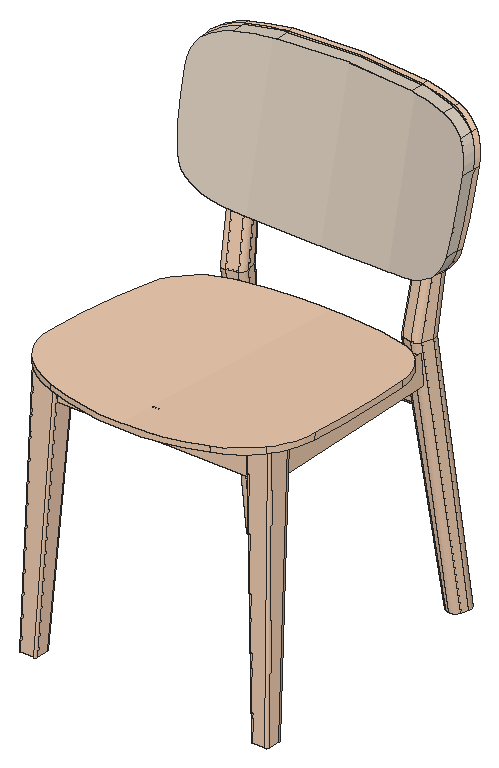
Revit family "FU_Chair_Sandler_Celina 1-14", category Furniture, Revit 2020
Family settings
  OmniClass Number = 23.40.20.00
  OmniClass Title = General Furniture and Specialties
  Work Plane-Based = No
  Always vertical = Yes
  Cut with Voids When Loaded = No
  Shared = No
  Room Calculation Point = No
Parameters (values of type "Celina 1.14")
  Width = 500 mm
  URL = "https://www.sandlerseating.com/product/celina-1-14/"
  Seat [instance] = Fabric - Manhattan - Bronx YI364
  Model = "Celina 1.14"
  Manufacturer = "Sandler"
  Height = 820 mm
  Frame [instance] = Wood - Beech - Walnut - V
  Description = "Side chair with a wooden seat and upholstered back. The frame is in solid beech."
  Depth = 550 mm
  Default Elevation = 0 mm
Reference planes
  plane 1 "Center (Front/Back)": y = 0
  plane 2: z = 0
  plane 3 "Center (Left/Right)": x = 0
  plane 4 "Right": x = -250
  plane 5 "Left": x = 250
  plane 6 "Back": y = 275
  plane 7 "Front": y = -275
  plane 8 "Height": z = 820
  plane 9 "Seat height": z = 460
  plane 10 "Right Arm": x = -325
  plane 11 "Left Arm": x = 325
  plane 12 "FL C FRONT": through (206.59, -1524, 5.36) normal (-0.9994, 0, -0.0359)
  plane 13 "BL C Front": through (-178.282, -1524, 5.132) normal (-0.9999, 0, 0.0103)
  plane 14 "FL C RIGHT": through (4267.2, -211.114, 5.562) normal (0, -0.9986, 0.0521)
  plane 15: through (4267.2, 255.502, 4.2) normal (0, -0.9887, -0.1501)
  plane 16: through (4267.2, 190.415, 493.994) normal (0, -0.984, 0.1783)
Forms (mm)
  Sweep 1, solid, material "Wood - Beech - Walnut - V" <- "Frame"
    path origin (0.119, 29.292, 439.708) x (0, 0.99863, -0.052336) y (1, 0, 0)
      loop
        line (-311.844, 0) -> (171.86, 0)
    profile "Pro_celina_Seat : Pro_celina_Seat" origin (0.119, -40.604, 443.371) x (1, 0, 0) y (0, -0.052336, -0.99863)
      loop
        arc (237.5, -12.54) -> (0, 0) -> (-237.5, -12.54) r 2255.339
        line (-237.5, -12.54) -> (-237.5, -22.54)
        arc (-237.5, -22.54) -> (0, -10) -> (237.5, -22.54) r 2255.339
        line (237.5, -22.54) -> (237.5, -12.54)
  Extrusion 2, void
    sketch origin (0.119, -20.296, 502.02) x (-1, 0, 0) y (0, -1, 0)
      loop
        line (248.521, -230.925) -> (248.521, 269.075) -> (-251.479, 269.075) -> (-251.479, -230.925) -> (248.521, -230.925)
      loop
        arc (141.879, 235.713) -> (0.119, 256.987) -> (-141.64, 235.713) r 482.927
        arc (-141.64, 235.713) -> (-177.703, 219.068) -> (-208.046, 193.437) r 148.11
        arc (-208.046, 193.437) -> (-229.338, 158.084) -> (-235.769, 117.318) r 107.689
        arc (-235.769, 117.318) -> (-233.624, 13.584) -> (-224.626, -89.781) r 1568.852
        arc (-224.626, -89.781) -> (-196.277, -154.472) -> (-136.874, -192.68) r 122.229
        arc (-136.874, -192.68) -> (0.119, -211.879) -> (137.113, -192.68) r 498.358
        arc (137.113, -192.68) -> (196.516, -154.472) -> (224.865, -89.781) r 122.229
        arc (224.865, -89.781) -> (233.862, 13.584) -> (236.008, 117.318) r 1568.852
        arc (236.008, 117.318) -> (229.577, 158.084) -> (208.285, 193.437) r 107.689
        arc (208.285, 193.437) -> (177.942, 219.068) -> (141.879, 235.713) r 148.11
    from 10.492 to -76.796
  SweptBlend 3, solid, material "Wood - Beech - Walnut - V" <- "Frame"
    path origin (206.516, 0, 7.419) x (0.035902, 0, -0.999355) y (0, -1, 0)
      loop
        line (15.798, 211.845) -> (-453.563, 187.36)
    profile origin (207.083, -211.845, -8.369) x (0.00187, 0.998642, -0.052062) y (-0.999355, 0, -0.035902)
      loop
        arc (-14.979, -11.006) -> (-13.796, -13.848) -> (-10.949, -15.021) r 4.023
        line (-10.949, -15.021) -> (11.028, -14.979)
        arc (11.028, -14.979) -> (13.854, -13.803) -> (15.021, -10.972) r 4
        line (15.021, -10.972) -> (14.979, 11.028)
        arc (14.979, 11.028) -> (13.803, 13.854) -> (10.972, 15.021) r 4
        line (10.972, 15.021) -> (-11.028, 14.979)
        arc (-11.028, 14.979) -> (-13.854, 13.803) -> (-15.021, 10.972) r 4
        line (-15.021, 10.972) -> (-14.979, -11.006)
    end profile origin (190.232, -187.36, 460.69) x (0.00187, 0.998642, -0.052062) y (-0.999355, 0, -0.035902)
      loop
        arc (-21.966, -18.041) -> (-20.789, -20.867) -> (-17.959, -22.034) r 4
        line (-17.959, -22.034) -> (18.041, -21.966)
        arc (18.041, -21.966) -> (20.867, -20.789) -> (22.034, -17.959) r 4
        line (22.034, -17.959) -> (21.966, 18.041)
        arc (21.966, 18.041) -> (20.789, 20.867) -> (17.959, 22.034) r 4
        line (17.959, 22.034) -> (-18.041, 21.966)
        arc (-18.041, 21.966) -> (-20.867, 20.789) -> (-22.034, 17.959) r 4
        line (-22.034, 17.959) -> (-21.966, -18.041)
  SweptBlend 4, solid, material "Wood - Beech - Walnut - V" <- "Frame"
    path origin (-178.316, 0, 1.838) x (-0.010308, 0, -0.999947) y (0, -1, 0)
      loop
        line (10.63, -257.754) -> (-463.93, -185.692)
    profile origin (-178.425, 257.754, -8.791) x (0.001548, 0.988666, 0.150121) y (-0.999947, 0, 0.010308)
      loop
        line (16.945, 1.2) -> (15.071, 7.954)
        arc (15.071, 7.954) -> (9.652, 14.89) -> (0.916, 15.962) r 11.5
        line (0.916, 15.962) -> (-12.575, 12.22)
        arc (-12.575, 12.22) -> (-19.51, 6.801) -> (-20.583, -1.935) r 11.5
        line (-20.583, -1.935) -> (-18.712, -8.681)
        arc (-18.712, -8.681) -> (-13.292, -15.616) -> (-4.556, -16.688) r 11.5
        line (-4.556, -16.688) -> (8.943, -12.944)
        arc (8.943, -12.944) -> (15.873, -7.529) -> (16.945, 1.2) r 11.49
    end profile origin (-173.534, 185.692, 465.743) x (0.001548, 0.988666, 0.150121) y (-0.999947, 0, 0.010308)
      loop
        line (5.481, 10.089) -> (-14.232, 4.749)
        arc (-14.232, 4.749) -> (-20.595, -0.161) -> (-21.622, -8.131) r 10.5
        line (-21.622, -8.131) -> (-16.447, -27.235)
        arc (-16.447, -27.235) -> (-11.538, -33.597) -> (-3.567, -34.624) r 10.5
        line (-3.567, -34.624) -> (16.146, -29.284)
        arc (16.146, -29.284) -> (22.508, -24.375) -> (23.535, -16.404) r 10.5
        line (23.535, -16.404) -> (18.361, 2.699)
        arc (18.361, 2.699) -> (13.451, 9.061) -> (5.481, 10.089) r 10.5
  SweptBlend 5, solid, material "Wood - Beech - Walnut - V" <- "Frame"
    path origin (-178.316, 0, 1.838) x (-0.010308, 0, -0.999947) y (0, -1, 0)
      loop
        line (-447.138, -184.221) -> (-698.053, -229.684)
    profile origin (-173.707, 184.221, 448.952) x (-0.001838, 0.983979, -0.178274) y (-0.999947, 0, 0.010308)
      loop
        line (6.359, 10.097) -> (-14.247, 4.59)
        arc (-14.247, 4.59) -> (-20.626, -0.298) -> (-21.68, -8.265) r 10.5
        line (-21.68, -8.265) -> (-16.57, -27.386)
        arc (-16.57, -27.386) -> (-11.682, -33.765) -> (-3.715, -34.819) r 10.5
        line (-3.715, -34.819) -> (16.891, -29.312)
        arc (16.891, -29.312) -> (23.269, -24.424) -> (24.324, -16.457) r 10.5
        line (24.324, -16.457) -> (19.214, 2.664)
        arc (19.214, 2.664) -> (14.326, 9.042) -> (6.359, 10.097) r 10.5
    end profile origin (-171.12, 229.684, 699.854) x (-0.001838, 0.983979, -0.178274) y (-0.999947, 0, 0.010308)
      loop
        arc (10.888, 12.173) -> (6.714, 17.652) -> (-0.112, 18.575) r 9
        line (-0.112, 18.575) -> (-10.954, 15.71)
        arc (-10.954, 15.71) -> (-16.436, 11.534) -> (-17.36, 4.704) r 9.005
        line (-17.36, 4.704) -> (-12.919, -12.102)
        arc (-12.919, -12.102) -> (-8.745, -17.581) -> (-1.919, -18.504) r 9
        line (-1.919, -18.504) -> (8.928, -15.638)
        arc (8.928, -15.638) -> (14.407, -11.464) -> (15.33, -4.638) r 9
        line (15.33, -4.638) -> (10.888, 12.173)
  Extrusion 6, void
    sketch origin (-178.316, 0, 1.838) x (-0.010308, 0, -0.999947) y (0, -1, 0)
      loop
        line (-458.111, -152.645) -> (-458.111, -224.882) -> (-439.168, -224.882) -> (-439.168, -152.645) -> (-458.111, -152.645)
    from -48.983 to 26.092
  Extrusion 7, void
    sketch origin (-178.316, 0, 1.838) x (-0.010308, 0, -0.999947) y (0, -1, 0)
      loop
        line (-458.228, -152.645) -> (-470.347, -152.645) -> (-470.347, -224.294) -> (-458.228, -224.294) -> (-458.228, -152.645)
    from -48.983 to 26.092
  SweptBlend 8, solid, material "Wood - Beech - Walnut - V" <- "Frame"
    path origin (178.316, 0, 1.838) x (0.010308, 0, -0.999947) y (0, 1, 0)
      loop
        line (10.63, 257.754) -> (-463.93, 185.692)
    profile origin (178.425, 257.754, -8.791) x (0.001548, -0.988666, -0.150121) y (0.999947, 0, 0.010308)
      loop
        arc (-16.945, 1.2) -> (-15.873, -7.529) -> (-8.943, -12.944) r 11.49
        line (-8.943, -12.944) -> (4.556, -16.688)
        arc (4.556, -16.688) -> (13.292, -15.616) -> (18.712, -8.681) r 11.5
        line (18.712, -8.681) -> (20.583, -1.935)
        arc (20.583, -1.935) -> (19.51, 6.801) -> (12.575, 12.22) r 11.5
        line (12.575, 12.22) -> (-0.916, 15.962)
        arc (-0.916, 15.962) -> (-9.652, 14.89) -> (-15.071, 7.954) r 11.5
        line (-15.071, 7.954) -> (-16.945, 1.2)
    end profile origin (173.534, 185.692, 465.743) x (0.001548, -0.988666, -0.150121) y (0.999947, 0, 0.010308)
      loop
        arc (-5.481, 10.089) -> (-13.451, 9.061) -> (-18.361, 2.699) r 10.5
        line (-18.361, 2.699) -> (-23.535, -16.404)
        arc (-23.535, -16.404) -> (-22.508, -24.375) -> (-16.146, -29.284) r 10.5
        line (-16.146, -29.284) -> (3.567, -34.624)
        arc (3.567, -34.624) -> (11.538, -33.597) -> (16.447, -27.235) r 10.5
        line (16.447, -27.235) -> (21.622, -8.131)
        arc (21.622, -8.131) -> (20.595, -0.161) -> (14.232, 4.749) r 10.5
        line (14.232, 4.749) -> (-5.481, 10.089)
  SweptBlend 9, solid, material "Wood - Beech - Walnut - V" <- "Frame"
    path origin (178.316, 0, 1.838) x (0.010308, 0, -0.999947) y (0, 1, 0)
      loop
        line (-447.138, 184.221) -> (-698.053, 229.684)
    profile origin (173.707, 184.221, 448.952) x (-0.001838, -0.983979, 0.178274) y (0.999947, 0, 0.010308)
      loop
        arc (-6.359, 10.097) -> (-14.326, 9.042) -> (-19.214, 2.664) r 10.5
        line (-19.214, 2.664) -> (-24.324, -16.457)
        arc (-24.324, -16.457) -> (-23.269, -24.424) -> (-16.891, -29.312) r 10.5
        line (-16.891, -29.312) -> (3.715, -34.819)
        arc (3.715, -34.819) -> (11.682, -33.765) -> (16.57, -27.386) r 10.5
        line (16.57, -27.386) -> (21.68, -8.265)
        arc (21.68, -8.265) -> (20.626, -0.298) -> (14.247, 4.59) r 10.5
        line (14.247, 4.59) -> (-6.359, 10.097)
    end profile origin (171.12, 229.684, 699.854) x (-0.001838, -0.983979, 0.178274) y (0.999947, 0, 0.010308)
      loop
        line (-10.888, 12.173) -> (-15.33, -4.638)
        arc (-15.33, -4.638) -> (-14.407, -11.464) -> (-8.928, -15.638) r 9
        line (-8.928, -15.638) -> (1.919, -18.504)
        arc (1.919, -18.504) -> (8.745, -17.581) -> (12.919, -12.102) r 9
        line (12.919, -12.102) -> (17.36, 4.704)
        arc (17.36, 4.704) -> (16.436, 11.534) -> (10.954, 15.71) r 9.005
        line (10.954, 15.71) -> (0.112, 18.575)
        arc (0.112, 18.575) -> (-6.714, 17.652) -> (-10.888, 12.173) r 9
  Extrusion 10, void
    sketch origin (178.316, 0, 1.838) x (0.010308, 0, -0.999947) y (0, 1, 0)
      loop
        line (-458.111, 152.645) -> (-439.168, 152.645) -> (-439.168, 224.882) -> (-458.111, 224.882) -> (-458.111, 152.645)
    from -48.983 to 26.092
  Extrusion 11, void
    sketch origin (178.316, 0, 1.838) x (0.010308, 0, -0.999947) y (0, 1, 0)
      loop
        line (-458.228, 152.645) -> (-458.228, 224.294) -> (-470.347, 224.294) -> (-470.347, 152.645) -> (-458.228, 152.645)
    from -48.983 to 26.092
  SweptBlend 12, solid, material "Wood - Beech - Walnut - V" <- "Frame"
    path origin (-206.516, 0, 7.419) x (-0.035902, 0, -0.999355) y (0, 1, 0)
      loop
        line (15.798, -211.845) -> (-453.563, -187.36)
    profile origin (-207.083, -211.845, -8.369) x (0.00187, -0.998642, 0.052062) y (0.999355, 0, -0.035902)
      loop
        line (14.979, -11.006) -> (15.021, 10.972)
        arc (15.021, 10.972) -> (13.854, 13.803) -> (11.028, 14.979) r 4
        line (11.028, 14.979) -> (-10.972, 15.021)
        arc (-10.972, 15.021) -> (-13.803, 13.854) -> (-14.979, 11.028) r 4
        line (-14.979, 11.028) -> (-15.021, -10.972)
        arc (-15.021, -10.972) -> (-13.854, -13.803) -> (-11.028, -14.979) r 4
        line (-11.028, -14.979) -> (10.949, -15.021)
        arc (10.949, -15.021) -> (13.796, -13.848) -> (14.979, -11.006) r 4.023
    end profile origin (-190.232, -187.36, 460.69) x (0.00187, -0.998642, 0.052062) y (0.999355, 0, -0.035902)
      loop
        line (21.966, -18.041) -> (22.034, 17.959)
        arc (22.034, 17.959) -> (20.867, 20.789) -> (18.041, 21.966) r 4
        line (18.041, 21.966) -> (-17.959, 22.034)
        arc (-17.959, 22.034) -> (-20.789, 20.867) -> (-21.966, 18.041) r 4
        line (-21.966, 18.041) -> (-22.034, -17.959)
        arc (-22.034, -17.959) -> (-20.867, -20.789) -> (-18.041, -21.966) r 4
        line (-18.041, -21.966) -> (17.959, -22.034)
        arc (17.959, -22.034) -> (20.789, -20.867) -> (21.966, -18.041) r 4
  Extrusion 13, solid, material "Wood - Beech - Walnut - V" <- "Frame"
    sketch origin (0, 0, 460) x (-1, 0, 0) y (0, -1, 0)
      loop
        line (175.074, 174.445) -> (175.074, 205.637) -> (-174.926, 205.637) -> (-174.926, 174.445) -> (175.074, 174.445)
      loop
        line (207.36, 174.272) -> (178.067, 176.828) -> (146.379, -186.366) -> (176.28, -181.947) -> (207.36, 174.272)
      loop
        line (-207.36, 174.272) -> (-176.28, -181.947) -> (-146.379, -186.366) -> (-178.067, 176.828) -> (-207.36, 174.272)
    from 0 to -78.018
  Sweep 14, void
    path origin (0.119, 30.664, 441.798) x (0, 0.99863, -0.052336) y (1, 0, 0)
      loop
        line (-311.844, 0) -> (193.156, 0)
    profile "Pro_celina_Seat-cut : Pro_celina_Seat-cut" origin (0.119, -28.599, 444.904) x (1, 0, 0) y (0, -0.052336, -0.99863)
      loop
        arc (237.5, -12.54) -> (0, 0) -> (-237.5, -12.54) r 2255.339
        line (-237.5, -12.54) -> (-237.5, -65.04)
        arc (-237.5, -65.04) -> (0, -52.5) -> (237.5, -65.04) r 2255.339
        line (237.5, -65.04) -> (237.5, -12.54)
  Extrusion 15, void
    sketch origin (0, 0, 0) x (0, 1, 0) y (0, 0, 1)
      loop
        line (-229.224, 409.273) -> (-229.224, 334.273) -> (230.12, 334.273) -> (230.12, 384.715) -> (-229.224, 409.273)
    from -250 to 250
  Extrusion 16, solid, material "Wood - Beech - Walnut - V" <- "Frame"
    sketch origin (0, 0, 0) x (0, 1, 0) y (0, 0, 1)
      loop
        arc (213.056, 367.317) -> (210.682, 371.248) -> (206.223, 372.348) r 6
        line (206.223, 372.348) -> (198.535, 371.181)
        arc (198.535, 371.181) -> (194.604, 368.806) -> (193.503, 364.348) r 6
        line (193.503, 364.348) -> (197.257, 339.631)
        arc (197.257, 339.631) -> (199.631, 335.701) -> (204.09, 334.6) r 6
        line (204.09, 334.6) -> (211.778, 335.768)
        arc (211.778, 335.768) -> (215.709, 338.142) -> (216.81, 342.601) r 6
        line (216.81, 342.601) -> (213.056, 367.317)
    from -168 to 168
  Extrusion 17, void
    sketch origin (0, 0, 0) x (0, 1, 0) y (0, 0, 1)
      loop
        line (-275, 0) -> (-275, -32.791) -> (280, -32.791) -> (280, 0) -> (-275, 0)
    from -250 to 250
  Sweep 18, solid, material "Fabric - Manhattan - Bronx YI364" <- "Seat"
    path origin (0.066, 37.154, -270.244) x (0, 1, 0) y (0, 0, 1)
      loop
        line (154.569, 770) -> (234.758, 1108.042)
    profile "Pro_celina_Back_UPH1 : Pro_celina_Back_UPH 2" origin (0.066, 231.818, 668.777) x (0, -0.972998, 0.230812) y (1, 0, 0)
      loop
        arc (42.034, 246.545) -> (3, 0) -> (42.034, -246.545) r 798.125
        arc (42.034, -246.545) -> (43.85, -249.045) -> (46.789, -250) r 5
        line (46.789, -250) -> (73.165, -250)
        arc (73.165, -250) -> (33, 0) -> (73.165, 250) r 798.125
        line (73.165, 250) -> (46.789, 250)
        arc (46.789, 250) -> (43.85, 249.045) -> (42.034, 246.545) r 5
  Extrusion 19, void
    sketch origin (0.066, 39.342, -270.869) x (1, 0, 0) y (0, 0, 1)
      loop
        line (119.761, 1090) -> (-121.25, 1090)
        arc (-121.25, 1090) -> (-154.552, 1088.857) -> (-187.721, 1085.67) r 541.973
        arc (-187.721, 1085.67) -> (-211.489, 1079.491) -> (-232.923, 1067.503) r 96.341
        arc (-232.923, 1067.503) -> (-245.694, 1045.257) -> (-249.494, 1019.89) r 69.271
        arc (-249.494, 1019.89) -> (-247.861, 958.646) -> (-241.122, 897.751) r 733.414
        arc (-241.122, 897.751) -> (-232.137, 873.763) -> (-214.284, 855.393) r 62.504
        arc (-214.284, 855.393) -> (-182.775, 839.296) -> (-148.432, 830.784) r 154.624
        arc (-148.432, 830.784) -> (-5.305, 821.343) -> (137.883, 829.803) r 1149.301
        arc (137.883, 829.803) -> (177.655, 837.565) -> (214.045, 855.393) r 154.624
        arc (214.045, 855.393) -> (231.898, 873.763) -> (240.883, 897.751) r 62.504
        arc (240.883, 897.751) -> (247.622, 958.646) -> (249.256, 1019.89) r 733.414
        arc (249.256, 1019.89) -> (245.455, 1045.257) -> (232.684, 1067.503) r 69.271
        arc (232.684, 1067.503) -> (211.25, 1079.491) -> (187.482, 1085.67) r 96.341
        arc (187.482, 1085.67) -> (153.689, 1088.897) -> (119.761, 1090) r 541.59
      loop
        line (-260, 1133.116) -> (-260, 753.116) -> (260, 753.116) -> (260, 1133.116) -> (-260, 1133.116)
    from -235.658 to -100.658
  Sweep 20, solid, material "Wood - Beech - Walnut - V" <- "Frame"
    path origin (0.066, 37.154, -270.244) x (0, 1, 0) y (0, 0, 1)
      loop
        line (154.569, 770) -> (234.758, 1108.042)
    profile "Pro_celina_Back : Pro_celina_Back" origin (0.066, 231.818, 668.777) x (0, -0.972998, 0.230812) y (1, 0, 0)
      loop
        arc (50.165, -250) -> (10, 0) -> (50.165, 250) r 798.119
        line (50.165, 250) -> (40.165, 250)
        arc (40.165, 250) -> (0, 0) -> (40.165, -250) r 798.125
        line (40.165, -250) -> (50.165, -250)
  Extrusion 21, void
    sketch origin (-0.054, 0, 0.005) x (1, 0, 0) y (0, 0, 1)
      loop
        line (119.189, 817.664) -> (-121.182, 817.664)
        arc (-121.182, 817.664) -> (-154.204, 816.535) -> (-187.094, 813.377) r 536.553
        arc (-187.094, 813.377) -> (-210.624, 807.259) -> (-231.844, 795.391) r 95.377
        arc (-231.844, 795.391) -> (-244.487, 773.368) -> (-248.249, 748.255) r 68.579
        arc (-248.249, 748.255) -> (-246.632, 687.623) -> (-239.96, 627.337) r 726.08
        arc (-239.96, 627.337) -> (-231.065, 603.589) -> (-213.391, 585.403) r 61.879
        arc (-213.391, 585.403) -> (-182.197, 569.467) -> (-148.198, 561.039) r 153.077
        arc (-148.198, 561.039) -> (-7.322, 551.696) -> (133.626, 559.871) r 1137.808
        arc (133.626, 559.871) -> (175.165, 567.108) -> (213.154, 585.403) r 153.077
        arc (213.154, 585.403) -> (230.829, 603.589) -> (239.724, 627.337) r 61.879
        arc (239.724, 627.337) -> (246.396, 687.623) -> (248.013, 748.255) r 726.08
        arc (248.013, 748.255) -> (244.25, 773.368) -> (231.607, 795.391) r 68.579
        arc (231.607, 795.391) -> (210.388, 807.259) -> (186.857, 813.377) r 95.377
        arc (186.857, 813.377) -> (153.091, 816.591) -> (119.189, 817.664) r 536.174
      loop
        line (-260, 862.242) -> (-260, 482.242) -> (260, 482.242) -> (260, 862.242) -> (-260, 862.242)
    from -291.827 to -115.962
Cuts and joins
  Extrusion 2 cuts Sweep 1
  Extrusion 6 cuts SweptBlend 5
  Extrusion 7, Extrusion 17 cuts SweptBlend 4
  Extrusion 10 cuts SweptBlend 9
  Extrusion 11, Extrusion 17 cuts SweptBlend 8
  Sweep 14, Extrusion 15 cuts Extrusion 13
  Extrusion 17 cuts SweptBlend 12
  Extrusion 17 cuts SweptBlend 3
  Extrusion 19, Extrusion 21 cuts Sweep 18
  Extrusion 19 cuts Sweep 20
Dimensions and locks
  equal spacing: plane 4 "Right", plane 3 "Center (Left/Right)", plane 5 "Left"
  "Width": plane 4 "Right" to plane 5 "Left"
  equal spacing: plane 6 "Back", plane 1 "Center (Front/Back)", plane 7 "Front"
  "Depth": plane 6 "Back" to plane 7 "Front"
  "Height": plane 8 "Height" to level
  plane 9 "Seat height" to level = 460 mm
  equal spacing: plane 10 "Right Arm", plane 3 "Center (Left/Right)", plane 11 "Left Arm"
  plane 10 "Right Arm" to plane 11 "Left Arm" = 650 mm
  aligned and locked: level to plane 2
Automatic sketch dimensions
  plane 3 "Center (Left/Right)" to Sweep 1 sketch curve = 0.119 mm
  Sweep 1 sketch curve to Sweep 1 sketch curve = 483.704 mm
  Extrusion 2 sketch curve to plane 3 "Center (Left/Right)" = 0 mm  (x2)
  plane 3 "Center (Left/Right)" to Extrusion 2 sketch curve = 98.283 mm
  Extrusion 2 sketch curve to plane 1 "Center (Front/Back)" = 54.865 mm  (x2)
  plane 3 "Center (Left/Right)" to Extrusion 2 sketch curve = 103.394 mm
  Extrusion 2 sketch curve to Extrusion 2 sketch curve = 29.988 mm  (x2)
  Extrusion 2 sketch curve to plane 5 "Left" = 1.598 mm
  plane 1 "Center (Front/Back)" to Extrusion 2 sketch curve = 118.175 mm  (x2)
  Extrusion 2 sketch curve to plane 11 "Left Arm" = 1007.843 mm
  Extrusion 2 sketch curve to plane 3 "Center (Left/Right)" = 98.283 mm
  Extrusion 2 sketch curve to plane 3 "Center (Left/Right)" = 103.394 mm
  Extrusion 2 sketch curve to plane 4 "Right" = 1.598 mm
  plane 10 "Right Arm" to Extrusion 2 sketch curve = 1007.843 mm
  Extrusion 2 sketch curve to plane 6 "Back" = 69.356 mm
  Extrusion 2 sketch curve to plane 6 "Back" = 64.371 mm
  plane 1 "Center (Front/Back)" to Extrusion 2 sketch curve = 114.424 mm  (x2)
  Extrusion 2 sketch curve to Extrusion 2 sketch curve = 27.102 mm  (x2)
  Extrusion 2 sketch curve to plane 7 "Front" = 14.371 mm
  Extrusion 2 sketch curve to plane 7 "Front" = 31.774 mm
  Extrusion 2 sketch curve to plane 6 "Back" = 102.616 mm
  Extrusion 2 sketch curve to Extrusion 2 sketch curve = 0 mm  (x8)
  plane 7 "Front" to Extrusion 2 sketch curve = 18.991 mm
  plane 7 "Front" to SweptBlend 3 sketch curve = 87.64 mm
  plane 7 "Front" to SweptBlend 3 sketch curve = 63.155 mm
  SweptBlend 3 sketch curve to SweptBlend 3 sketch curve = 469.362 mm
  profile plane to SweptBlend 3 sketch curve = 15.021 mm
  profile plane to SweptBlend 3 sketch curve = 14.979 mm
  SweptBlend 3 sketch curve to SweptBlend 3 sketch curve = 3.993 mm  (x3)
  SweptBlend 3 sketch curve to SweptBlend 3 sketch curve = 4 mm  (x9)
  SweptBlend 3 sketch curve to SweptBlend 3 sketch curve = 4.023 mm
  SweptBlend 3 sketch curve to SweptBlend 3 sketch curve = 0.008 mm
  SweptBlend 3 sketch curve to profile plane = 10.972 mm
  SweptBlend 3 sketch curve to SweptBlend 3 sketch curve = 0.007 mm  (x9)
  SweptBlend 3 sketch curve to profile plane = 11.021 mm
  SweptBlend 3 sketch curve to plane 12 "FL C FRONT" = 15.021 mm
  SweptBlend 3 sketch curve to plane 12 "FL C FRONT" = 14.979 mm
  SweptBlend 3 sketch curve to SweptBlend 3 sketch curve = 4.015 mm
  plane 12 "FL C FRONT" to SweptBlend 3 sketch curve = 10.972 mm
  plane 12 "FL C FRONT" to SweptBlend 3 sketch curve = 11.021 mm
  profile plane to SweptBlend 3 sketch curve = 22.034 mm
  profile plane to SweptBlend 3 sketch curve = 21.966 mm
  SweptBlend 3 sketch curve to profile plane = 17.959 mm
  SweptBlend 3 sketch curve to profile plane = 18.034 mm
  SweptBlend 3 sketch curve to plane 12 "FL C FRONT" = 22.034 mm
  SweptBlend 3 sketch curve to plane 12 "FL C FRONT" = 21.966 mm
  plane 12 "FL C FRONT" to SweptBlend 3 sketch curve = 17.959 mm
  plane 12 "FL C FRONT" to SweptBlend 3 sketch curve = 18.034 mm
  SweptBlend 4 sketch curve to plane 6 "Back" = 89.308 mm
  SweptBlend 4 sketch curve to plane 6 "Back" = 17.246 mm
  SweptBlend 4 sketch curve to SweptBlend 4 sketch curve = 474.56 mm
  SweptBlend 4 sketch curve to plane 13 "BL C Front" = 1.935 mm
  profile plane to SweptBlend 4 sketch curve = 20.583 mm
  SweptBlend 4 sketch curve to plane 13 "BL C Front" = 8.681 mm
  SweptBlend 4 sketch curve to SweptBlend 4 sketch curve = 1.871 mm  (x2)
  profile plane to SweptBlend 4 sketch curve = 12.575 mm
  plane 13 "BL C Front" to SweptBlend 4 sketch curve = 1.138 mm
  profile plane to SweptBlend 4 sketch curve = 9.501 mm
  profile plane to SweptBlend 4 sketch curve = 4.556 mm
  SweptBlend 4 sketch curve to profile plane = 0.916 mm
  SweptBlend 4 sketch curve to profile plane = 3.99 mm
  SweptBlend 4 sketch curve to plane 13 "BL C Front" = 1.872 mm
  SweptBlend 4 sketch curve to profile plane = 5.872 mm
  SweptBlend 4 sketch curve to profile plane = 8.943 mm
  plane 13 "BL C Front" to SweptBlend 4 sketch curve = 7.954 mm
  SweptBlend 4 sketch curve to SweptBlend 4 sketch curve = 11.082 mm
  plane 13 "BL C Front" to SweptBlend 4 sketch curve = 1.2 mm
  SweptBlend 4 sketch curve to SweptBlend 4 sketch curve = 1.874 mm
  SweptBlend 4 sketch curve to SweptBlend 4 sketch curve = 3.745 mm
  plane 13 "BL C Front" to SweptBlend 4 sketch curve = 4.88 mm
  SweptBlend 4 sketch curve to plane 13 "BL C Front" = 8.131 mm
  profile plane to SweptBlend 4 sketch curve = 21.622 mm
  profile plane to SweptBlend 4 sketch curve = 16.447 mm
  plane 13 "BL C Front" to SweptBlend 4 sketch curve = 4.749 mm
  profile plane to SweptBlend 4 sketch curve = 14.232 mm
  SweptBlend 4 sketch curve to plane 13 "BL C Front" = 5.386 mm
  profile plane to SweptBlend 4 sketch curve = 6.313 mm
  profile plane to SweptBlend 4 sketch curve = 3.567 mm
  SweptBlend 4 sketch curve to profile plane = 5.481 mm
  SweptBlend 4 sketch curve to plane 13 "BL C Front" = 0.046 mm
  SweptBlend 4 sketch curve to profile plane = 8.226 mm
  SweptBlend 4 sketch curve to profile plane = 13.4 mm
  SweptBlend 4 sketch curve to SweptBlend 4 sketch curve = 2.745 mm  (x3)
  plane 13 "BL C Front" to SweptBlend 4 sketch curve = 2.699 mm
  SweptBlend 4 sketch curve to SweptBlend 4 sketch curve = 10.135 mm  (x2)
  SweptBlend 4 sketch curve to plane 13 "BL C Front" = 16.404 mm
  SweptBlend 4 sketch curve to SweptBlend 4 sketch curve = 19.103 mm
  SweptBlend 5 sketch curve to plane 6 "Back" = 45.316 mm
  SweptBlend 5 sketch curve to plane 6 "Back" = 90.779 mm
  SweptBlend 5 sketch curve to SweptBlend 5 sketch curve = 250.915 mm
  plane 13 "BL C Front" to SweptBlend 5 sketch curve = 4.704 mm
  profile plane to SweptBlend 5 sketch curve = 17.36 mm
  profile plane to SweptBlend 5 sketch curve = 12.919 mm
  profile plane to SweptBlend 5 sketch curve = 10.954 mm
  profile plane to SweptBlend 5 sketch curve = 8.654 mm
  profile plane to SweptBlend 5 sketch curve = 4.218 mm
  profile plane to SweptBlend 5 sketch curve = 1.919 mm
  profile plane to SweptBlend 5 sketch curve = 0.112 mm
  SweptBlend 5 sketch curve to profile plane = 2.187 mm
  SweptBlend 5 sketch curve to profile plane = 6.628 mm
  SweptBlend 5 sketch curve to profile plane = 8.928 mm
  SweptBlend 5 sketch curve to SweptBlend 5 sketch curve = 8.701 mm  (x2)
  SweptBlend 5 sketch curve to plane 13 "BL C Front" = 4.638 mm
  SweptBlend 5 sketch curve to plane 13 "BL C Front" = 6.937 mm
  SweptBlend 5 sketch curve to plane 13 "BL C Front" = 9.803 mm
  SweptBlend 5 sketch curve to SweptBlend 5 sketch curve = 2.299 mm  (x2)
  plane 13 "BL C Front" to SweptBlend 5 sketch curve = 7.004 mm
  plane 13 "BL C Front" to SweptBlend 5 sketch curve = 9.873 mm
  SweptBlend 5 sketch curve to plane 13 "BL C Front" = 8.265 mm
  profile plane to SweptBlend 5 sketch curve = 21.68 mm
  profile plane to SweptBlend 5 sketch curve = 16.57 mm
  plane 13 "BL C Front" to SweptBlend 5 sketch curve = 4.59 mm
  profile plane to SweptBlend 5 sketch curve = 14.247 mm
  SweptBlend 5 sketch curve to plane 13 "BL C Front" = 5.554 mm
  profile plane to SweptBlend 5 sketch curve = 6.426 mm
  profile plane to SweptBlend 5 sketch curve = 3.715 mm
  SweptBlend 5 sketch curve to profile plane = 6.359 mm
  SweptBlend 5 sketch curve to plane 13 "BL C Front" = 0.047 mm
  SweptBlend 5 sketch curve to profile plane = 9.07 mm
  SweptBlend 5 sketch curve to profile plane = 14.18 mm
  SweptBlend 5 sketch curve to SweptBlend 5 sketch curve = 2.711 mm  (x3)
  plane 13 "BL C Front" to SweptBlend 5 sketch curve = 2.664 mm
  SweptBlend 5 sketch curve to SweptBlend 5 sketch curve = 10.144 mm  (x2)
  SweptBlend 5 sketch curve to plane 13 "BL C Front" = 16.457 mm
  SweptBlend 5 sketch curve to SweptBlend 5 sketch curve = 19.121 mm
  Extrusion 6 sketch curve to plane 6 "Back" = 50.118 mm
  Extrusion 6 sketch curve to Extrusion 6 sketch curve = 18.943 mm
  Extrusion 6 sketch curve to Extrusion 6 sketch curve = 72.237 mm
  Extrusion 7 sketch curve to plane 6 "Back" = 122.355 mm
  Extrusion 7 sketch curve to Extrusion 7 sketch curve = 12.119 mm
  Extrusion 7 sketch curve to plane 6 "Back" = 50.706 mm
  SweptBlend 8 sketch curve to plane 6 "Back" = 89.308 mm
  SweptBlend 8 sketch curve to plane 6 "Back" = 17.246 mm
  SweptBlend 8 sketch curve to SweptBlend 8 sketch curve = 474.56 mm
  profile plane to SweptBlend 8 sketch curve = 1.2 mm
  profile plane to SweptBlend 8 sketch curve = 16.945 mm
  SweptBlend 8 sketch curve to SweptBlend 8 sketch curve = 1.874 mm
  profile plane to SweptBlend 8 sketch curve = 8.943 mm
  SweptBlend 8 sketch curve to profile plane = 1.872 mm
  profile plane to SweptBlend 8 sketch curve = 5.872 mm
  profile plane to SweptBlend 8 sketch curve = 3.99 mm
  profile plane to SweptBlend 8 sketch curve = 0.916 mm
  SweptBlend 8 sketch curve to profile plane = 4.556 mm
  SweptBlend 8 sketch curve to profile plane = 7.63 mm
  profile plane to SweptBlend 8 sketch curve = 1.138 mm
  SweptBlend 8 sketch curve to SweptBlend 8 sketch curve = 1.871 mm  (x2)
  SweptBlend 8 sketch curve to SweptBlend 8 sketch curve = 3.074 mm
  SweptBlend 8 sketch curve to profile plane = 8.681 mm
  SweptBlend 8 sketch curve to SweptBlend 8 sketch curve = 11.082 mm
  SweptBlend 8 sketch curve to profile plane = 1.935 mm
  SweptBlend 8 sketch curve to SweptBlend 8 sketch curve = 3.745 mm
  profile plane to SweptBlend 8 sketch curve = 4.88 mm
  SweptBlend 8 sketch curve to SweptBlend 8 sketch curve = 6.754 mm
  profile plane to SweptBlend 8 sketch curve = 23.535 mm
  profile plane to SweptBlend 8 sketch curve = 2.699 mm
  profile plane to SweptBlend 8 sketch curve = 18.361 mm
  SweptBlend 8 sketch curve to SweptBlend 8 sketch curve = 7.389 mm
  SweptBlend 8 sketch curve to SweptBlend 8 sketch curve = 10.135 mm  (x2)
  SweptBlend 8 sketch curve to profile plane = 0.046 mm
  profile plane to SweptBlend 8 sketch curve = 8.226 mm
  profile plane to SweptBlend 8 sketch curve = 5.481 mm
  SweptBlend 8 sketch curve to profile plane = 3.567 mm
  SweptBlend 8 sketch curve to profile plane = 6.313 mm
  SweptBlend 8 sketch curve to profile plane = 5.386 mm
  SweptBlend 8 sketch curve to profile plane = 11.487 mm
  profile plane to SweptBlend 8 sketch curve = 4.749 mm
  SweptBlend 8 sketch curve to SweptBlend 8 sketch curve = 2.745 mm  (x3)
  SweptBlend 8 sketch curve to profile plane = 8.131 mm
  SweptBlend 8 sketch curve to profile plane = 16.404 mm
  SweptBlend 8 sketch curve to SweptBlend 8 sketch curve = 19.103 mm
  SweptBlend 9 sketch curve to plane 6 "Back" = 45.316 mm
  SweptBlend 9 sketch curve to plane 6 "Back" = 90.779 mm
  SweptBlend 9 sketch curve to SweptBlend 9 sketch curve = 250.915 mm
  SweptBlend 9 sketch curve to profile plane = 4.638 mm
  profile plane to SweptBlend 9 sketch curve = 15.33 mm
  profile plane to SweptBlend 9 sketch curve = 10.888 mm
  profile plane to SweptBlend 9 sketch curve = 8.928 mm
  profile plane to SweptBlend 9 sketch curve = 6.628 mm
  profile plane to SweptBlend 9 sketch curve = 2.187 mm
  SweptBlend 9 sketch curve to profile plane = 0.112 mm
  SweptBlend 9 sketch curve to profile plane = 1.919 mm
  SweptBlend 9 sketch curve to profile plane = 4.218 mm
  SweptBlend 9 sketch curve to profile plane = 8.654 mm
  SweptBlend 9 sketch curve to SweptBlend 9 sketch curve = 2.3 mm
  SweptBlend 9 sketch curve to SweptBlend 9 sketch curve = 8.701 mm
  profile plane to SweptBlend 9 sketch curve = 4.704 mm
  SweptBlend 9 sketch curve to SweptBlend 9 sketch curve = 8.706 mm
  SweptBlend 9 sketch curve to profile plane = 6.937 mm
  SweptBlend 9 sketch curve to profile plane = 9.803 mm
  SweptBlend 9 sketch curve to SweptBlend 9 sketch curve = 2.299 mm  (x2)
  profile plane to SweptBlend 9 sketch curve = 7.004 mm
  profile plane to SweptBlend 9 sketch curve = 9.873 mm
  profile plane to SweptBlend 9 sketch curve = 24.324 mm
  profile plane to SweptBlend 9 sketch curve = 2.664 mm
  profile plane to SweptBlend 9 sketch curve = 19.214 mm
  SweptBlend 9 sketch curve to SweptBlend 9 sketch curve = 7.433 mm
  SweptBlend 9 sketch curve to SweptBlend 9 sketch curve = 10.144 mm  (x2)
  SweptBlend 9 sketch curve to profile plane = 0.047 mm
  profile plane to SweptBlend 9 sketch curve = 9.07 mm
  profile plane to SweptBlend 9 sketch curve = 6.359 mm
  SweptBlend 9 sketch curve to profile plane = 3.715 mm
  SweptBlend 9 sketch curve to profile plane = 6.426 mm
  SweptBlend 9 sketch curve to profile plane = 5.554 mm
  SweptBlend 9 sketch curve to profile plane = 11.536 mm
  profile plane to SweptBlend 9 sketch curve = 4.59 mm
  SweptBlend 9 sketch curve to SweptBlend 9 sketch curve = 2.711 mm  (x3)
  SweptBlend 9 sketch curve to profile plane = 8.265 mm
  SweptBlend 9 sketch curve to profile plane = 16.457 mm
  SweptBlend 9 sketch curve to SweptBlend 9 sketch curve = 19.121 mm
  Extrusion 10 sketch curve to plane 6 "Back" = 50.118 mm
  Extrusion 10 sketch curve to Extrusion 10 sketch curve = 18.943 mm
  Extrusion 10 sketch curve to Extrusion 10 sketch curve = 72.237 mm
  Extrusion 11 sketch curve to plane 6 "Back" = 122.355 mm
  Extrusion 11 sketch curve to Extrusion 11 sketch curve = 12.119 mm
  Extrusion 11 sketch curve to plane 6 "Back" = 50.706 mm
  plane 7 "Front" to SweptBlend 12 sketch curve = 87.64 mm
  plane 7 "Front" to SweptBlend 12 sketch curve = 63.155 mm
  SweptBlend 12 sketch curve to SweptBlend 12 sketch curve = 469.362 mm
  profile plane to SweptBlend 12 sketch curve = 15.021 mm
  profile plane to SweptBlend 12 sketch curve = 14.979 mm
  SweptBlend 12 sketch curve to SweptBlend 12 sketch curve = 3.993 mm  (x3)
  SweptBlend 12 sketch curve to SweptBlend 12 sketch curve = 4 mm  (x9)
  SweptBlend 12 sketch curve to SweptBlend 12 sketch curve = 0.007 mm  (x9)
  SweptBlend 12 sketch curve to profile plane = 10.949 mm
  SweptBlend 12 sketch curve to SweptBlend 12 sketch curve = 0.008 mm
  SweptBlend 12 sketch curve to profile plane = 11.021 mm
  SweptBlend 12 sketch curve to SweptBlend 12 sketch curve = 4.023 mm
  SweptBlend 12 sketch curve to profile plane = 15.021 mm
  SweptBlend 12 sketch curve to profile plane = 14.979 mm
  SweptBlend 12 sketch curve to SweptBlend 12 sketch curve = 4.015 mm
  profile plane to SweptBlend 12 sketch curve = 10.972 mm
  profile plane to SweptBlend 12 sketch curve = 11.021 mm
  profile plane to SweptBlend 12 sketch curve = 22.034 mm
  profile plane to SweptBlend 12 sketch curve = 21.966 mm
  SweptBlend 12 sketch curve to profile plane = 17.959 mm
  SweptBlend 12 sketch curve to profile plane = 18.034 mm
  SweptBlend 12 sketch curve to profile plane = 22.034 mm
  SweptBlend 12 sketch curve to profile plane = 21.966 mm
  profile plane to SweptBlend 12 sketch curve = 17.959 mm
  profile plane to SweptBlend 12 sketch curve = 18.034 mm
  plane 5 "Left" to Extrusion 13 sketch curve = 42.64 mm
  Extrusion 13 sketch curve to Extrusion 13 sketch curve = 29.293 mm  (x2)
  plane 5 "Left" to Extrusion 13 sketch curve = 73.72 mm
  Extrusion 13 sketch curve to Extrusion 13 sketch curve = 3.142 mm
  Extrusion 13 sketch curve to plane 6 "Back" = 88.634 mm  (x2)
  Extrusion 13 sketch curve to Extrusion 13 sketch curve = 29.901 mm  (x2)
  Extrusion 13 sketch curve to plane 4 "Right" = 103.621 mm
  Extrusion 13 sketch curve to plane 4 "Right" = 74.926 mm
  Extrusion 13 sketch curve to Extrusion 13 sketch curve = 2.993 mm
  Extrusion 13 sketch curve to Extrusion 13 sketch curve = 4.419 mm  (x2)
  Extrusion 13 sketch curve to Extrusion 13 sketch curve = 2.383 mm
  Extrusion 13 sketch curve to Extrusion 13 sketch curve = 28.809 mm
  plane 3 "Center (Left/Right)" to Sweep 14 sketch curve = 0.119 mm
  Sweep 14 sketch curve to Sweep 14 sketch curve = 505 mm
  plane 7 "Front" to Extrusion 15 sketch curve = 45.776 mm
  Extrusion 15 sketch curve to plane 6 "Back" = 44.88 mm
  Extrusion 15 sketch curve to plane 9 "Seat height" = 125.727 mm
  Extrusion 15 sketch curve to Extrusion 15 sketch curve = 50.442 mm
  Extrusion 15 sketch curve to plane 9 "Seat height" = 50.727 mm
  Extrusion 16 sketch curve to plane 6 "Back" = 81.497 mm
  Extrusion 16 sketch curve to Extrusion 16 sketch curve = 3.753 mm
  Extrusion 16 sketch curve to Extrusion 16 sketch curve = 5.031 mm  (x2)
  Extrusion 16 sketch curve to Extrusion 16 sketch curve = 5.932 mm  (x5)
  Extrusion 16 sketch curve to Extrusion 16 sketch curve = 0.901 mm  (x5)
  Extrusion 16 sketch curve to Extrusion 16 sketch curve = 7.689 mm  (x2)
  Extrusion 16 sketch curve to plane 9 "Seat height" = 125.4 mm
  Extrusion 16 sketch curve to Extrusion 16 sketch curve = 1.168 mm  (x2)
  Extrusion 16 sketch curve to Extrusion 16 sketch curve = 24.717 mm
  Extrusion 17 sketch curve to plane 7 "Front" = 0 mm
  Extrusion 17 sketch curve to level = 0 mm
  plane 6 "Back" to Extrusion 17 sketch curve = 5 mm
  Extrusion 17 sketch curve to level = 32.791 mm
  plane 9 "Seat height" to Sweep 18 sketch curve = 39.756 mm
  Sweep 18 sketch curve to plane 6 "Back" = 83.277 mm
  Sweep 18 sketch curve to plane 6 "Back" = 3.087 mm
  plane 8 "Height" to Sweep 18 sketch curve = 17.798 mm
  plane 10 "Right Arm" to Extrusion 19 sketch curve = 159.009 mm
  plane 4 "Right" to Extrusion 19 sketch curve = 9.934 mm
  Extrusion 19 sketch curve to plane 4 "Right" = 69.794 mm
  Extrusion 19 sketch curve to plane 4 "Right" = 70.728 mm
  Extrusion 19 sketch curve to Extrusion 19 sketch curve = 4.71 mm  (x2)
  Extrusion 19 sketch curve to Extrusion 19 sketch curve = 46.915 mm  (x2)
  Extrusion 19 sketch curve to plane 8 "Height" = 0.869 mm
  Extrusion 19 sketch curve to Extrusion 19 sketch curve = 59.022 mm
  Extrusion 19 sketch curve to plane 3 "Center (Left/Right)" = 119.255 mm
  Extrusion 19 sketch curve to plane 3 "Center (Left/Right)" = 1.304 mm
  plane 3 "Center (Left/Right)" to Extrusion 19 sketch curve = 119.196 mm
  plane 3 "Center (Left/Right)" to Extrusion 19 sketch curve = 119.827 mm
  Extrusion 19 sketch curve to Extrusion 19 sketch curve = 8.647 mm
  plane 5 "Left" to Extrusion 19 sketch curve = 70.835 mm
  Extrusion 19 sketch curve to plane 5 "Left" = 10.066 mm
  Extrusion 19 sketch curve to plane 8 "Height" = 82.065 mm  (x2)
  Extrusion 19 sketch curve to plane 11 "Left Arm" = 158.902 mm
  Extrusion 19 sketch curve to plane 8 "Height" = 100.77 mm  (x2)
  Extrusion 19 sketch curve to Extrusion 19 sketch curve = 5.963 mm  (x2)
  Extrusion 19 sketch curve to Extrusion 19 sketch curve = 82.884 mm  (x2)
  plane 9 "Seat height" to Extrusion 19 sketch curve = 22.247 mm
  Extrusion 19 sketch curve to plane 9 "Seat height" = 182.458 mm
  Extrusion 19 sketch curve to plane 9 "Seat height" = 182.839 mm
  Extrusion 19 sketch curve to Extrusion 19 sketch curve = 32.388 mm  (x2)
  plane 8 "Height" to Extrusion 19 sketch curve = 42.247 mm
  Extrusion 19 sketch curve to Extrusion 19 sketch curve = 837.521 mm
  Extrusion 19 sketch curve to plane 4 "Right" = 0.571 mm
  Extrusion 19 sketch curve to plane 4 "Right" = 8.944 mm
  Extrusion 19 sketch curve to Extrusion 19 sketch curve = 0 mm  (x4)
  Extrusion 19 sketch curve to plane 4 "Right" = 17.143 mm
  Extrusion 19 sketch curve to plane 4 "Right" = 35.782 mm
  Extrusion 19 sketch curve to Extrusion 19 sketch curve = 41.216 mm
  plane 5 "Left" to Extrusion 19 sketch curve = 35.889 mm
  plane 5 "Left" to Extrusion 19 sketch curve = 17.25 mm
  plane 9 "Seat height" to Sweep 20 sketch curve = 39.756 mm
  Sweep 20 sketch curve to plane 6 "Back" = 83.277 mm
  Sweep 20 sketch curve to plane 6 "Back" = 3.087 mm
  plane 8 "Height" to Sweep 20 sketch curve = 17.798 mm
  plane 10 "Right Arm" to Extrusion 21 sketch curve = 153.038 mm
  plane 4 "Right" to Extrusion 21 sketch curve = 10.054 mm
  Extrusion 21 sketch curve to plane 4 "Right" = 70.227 mm
  Extrusion 21 sketch curve to plane 4 "Right" = 71.152 mm
  Extrusion 21 sketch curve to Extrusion 21 sketch curve = 4.663 mm  (x2)
  Extrusion 21 sketch curve to Extrusion 21 sketch curve = 46.446 mm  (x2)
  Extrusion 21 sketch curve to plane 8 "Height" = 2.331 mm
  Extrusion 21 sketch curve to Extrusion 21 sketch curve = 58.537 mm
  Extrusion 21 sketch curve to plane 3 "Center (Left/Right)" = 119.431 mm
  Extrusion 21 sketch curve to plane 3 "Center (Left/Right)" = 2.659 mm
  plane 3 "Center (Left/Right)" to Extrusion 21 sketch curve = 119.135 mm
  Extrusion 21 sketch curve to Extrusion 21 sketch curve = 9.185 mm
  plane 5 "Left" to Extrusion 21 sketch curve = 71.495 mm
  Extrusion 21 sketch curve to plane 5 "Left" = 9.946 mm
  Extrusion 21 sketch curve to plane 8 "Height" = 82.715 mm  (x2)
  Extrusion 21 sketch curve to plane 11 "Left Arm" = 152.694 mm
  Extrusion 21 sketch curve to plane 8 "Height" = 101.233 mm  (x2)
  Extrusion 21 sketch curve to Extrusion 21 sketch curve = 5.904 mm  (x2)
  Extrusion 21 sketch curve to Extrusion 21 sketch curve = 82.055 mm  (x2)
  plane 9 "Seat height" to Extrusion 21 sketch curve = 22.247 mm
  Extrusion 21 sketch curve to plane 9 "Seat height" = 178.505 mm
  Extrusion 21 sketch curve to plane 9 "Seat height" = 178.882 mm
  Extrusion 21 sketch curve to Extrusion 21 sketch curve = 32.064 mm  (x2)
  plane 8 "Height" to Extrusion 21 sketch curve = 42.247 mm
  Extrusion 21 sketch curve to Extrusion 21 sketch curve = 827.252 mm
  Extrusion 21 sketch curve to plane 4 "Right" = 1.697 mm
  Extrusion 21 sketch curve to plane 4 "Right" = 9.986 mm
  Extrusion 21 sketch curve to Extrusion 21 sketch curve = 0 mm  (x4)
  Extrusion 21 sketch curve to plane 4 "Right" = 18.103 mm
  Extrusion 21 sketch curve to plane 4 "Right" = 36.556 mm
  Extrusion 21 sketch curve to Extrusion 21 sketch curve = 44.932 mm
  plane 5 "Left" to Extrusion 21 sketch curve = 36.899 mm
  plane 5 "Left" to Extrusion 21 sketch curve = 18.446 mm
